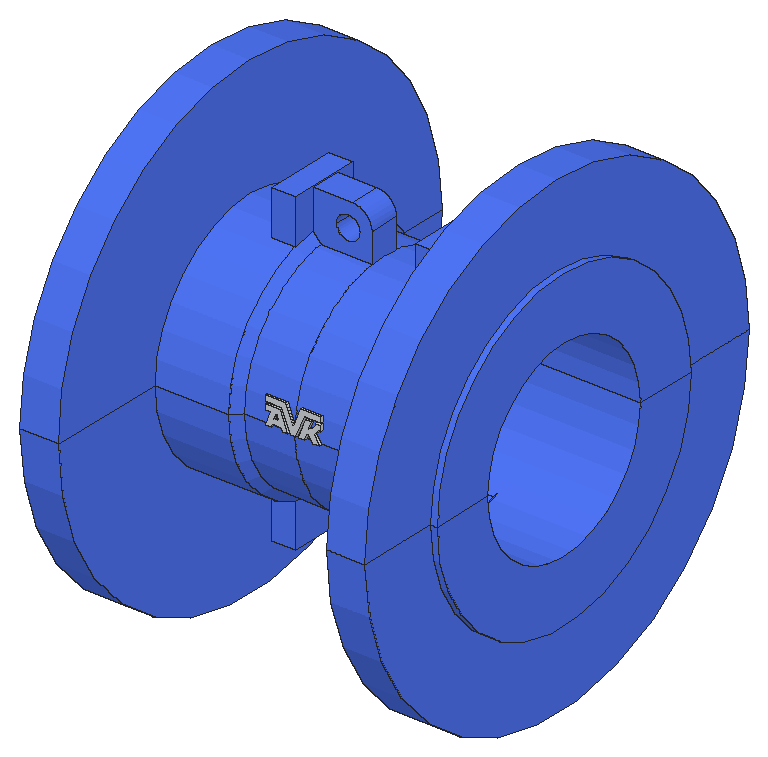
Revit family "712-4120-001-DN80-150", category Pipe Accessories, Revit 2019
Family settings
  Round Connector Dimension = Use Diameter
  Part Type = Valve - Breaks Into
  Work Plane-Based = No
  Always vertical = Yes
  Cut with Voids When Loaded = No
  Shared = No
Parameters (values of type "DN080_PN10/16")
  Search_Table = "712-4120-001-DN80-150"
  Rf_Dia = size_lookup(Search_Table, "Rf_Dia", 0 mm, [Nominal Diameter (DN)]) / 2  # 66 mm
  RF_Thick = 3 mm  # constant formula
  L = 150 mm  # constant formula
  ID(Radius) = [Nominal Diameter (DN)] / 2  # 40 mm
  Flange_thickness = size_lookup(Search_Table, "Flange_thickness", 0 mm, [Nominal Diameter (DN)])  # 19 mm
  Nominal Diameter (DN) = 80 mm
  FOD = size_lookup(Search_Table, "FOD", 0 mm, [Nominal Diameter (DN)]) / 2  # 100 mm
  URL product pages = "https://www.avkvalves.com/P.aspx?no=712008041201"
  Description_ = "AVK FLANGED PIPE W/LOOSE FLANGES"
  DN150_PN10/16 = "712-0150-41-201"
  DN100_PN10/16 = "712-0100-41-201"
  DN080_PN10/16 = "712-0080-41-201"
  Body_wallthickness = 10 mm  # constant formula
Types (4, lengths in mm): name | Rf_Dia | ID(Radius) | Flange_thickness | Nominal Diameter (DN) | FOD
  (no name) | 66 | 40 | 19 | 80 | 100
  DN080_PN10/16 | 66 | 40 | 19 | 80 | 100
  DN100_PN10/16 | 78 | 50 | 19 | 100 | 110
  DN150_PN10/16 | 105.5 | 75 | 20 | 150 | 142.5
Reference planes
  plane 1 "Center (Front/Back)": y = 0
  plane 2: z = 0
  plane 3 "Center (Left/Right)": x = 0
  plane 4: y = 40
  plane 5: x = -75
  plane 6: x = -56
  plane 7: x = 56
  plane 8: x = 75
  plane 9: y = 50
  plane 10: y = 100
Forms (mm)
  Revolve 1, solid, material "Plastic"
    sketch origin (0, 0, 0) x (1, 0, 0) y (0, 1, 0)
      loop
        line (-56, 100) -> (-75, 100) -> (-75, 40) -> (75, 40) -> (75, 100) -> (56, 100) -> (56, 50) -> (25, 50) -> (21.464, 46.464) -> (0, 46.464) -> (-21.464, 46.464) -> (-25, 50) -> (-56, 50) -> (-56, 100)
      axis (-75, 0) -> (75, 0)
    angle from 0 to 360
  Revolve 2, void
    sketch origin (0, 0, 0) x (1, 0, 0) y (0, 1, 0)
      loop
        line (75, 100) -> (72, 100) -> (72, 66) -> (75, 66) -> (75, 100)
      loop
        line (-75, 100) -> (-75, 66) -> (-72, 66) -> (-72, 100) -> (-75, 100)
      axis (-75, 0) -> (75, 0)
    angle from 0 to 360
  Extrusion 3, solid, material "Plastic"
    sketch origin (0, 0, 0) x (1, 0, 0) y (0, 1, 0)
      loop
        line (-25, 15) -> (-35, 15) -> (-35, -15) -> (-25, -15) -> (-25, 15)
      loop
        line (25, 15) -> (25, -15) -> (35, -15) -> (35, 15) -> (25, 15)
    from -66 to 66
  Extrusion 4, solid, material "Plastic"
    sketch origin (0, 0, 0) x (1, 0, 0) y (0, 0, 1)
      loop
        line (-25, 66) -> (-25, 40) -> (0, 40) -> (0, 58)
        arc (0, 58) -> (-2.343, 63.657) -> (-8, 66) r 8
        line (-8, 66) -> (-25, 66)
      loop
        circle (-10, 56) r 5
    from -6.236 to 6.236
  Revolve 5, void
    sketch origin (0, 0, 0) x (1, 0, 0) y (0, 0, 1)
      loop
        line (-75, 40) -> (-75, 0) -> (75, 0) -> (75, 40) -> (-75, 40)
      axis (-75, 0) -> (75, 0)
    angle from 0 to 360
Cuts and joins
  Revolve 2, Revolve 5 cuts Revolve 1
  Revolve 5 cuts Extrusion 3
Dimensions and locks
  "Flange_thickness": plane 7 to plane 8
  equal spacing: plane 5, plane 3 "Center (Left/Right)", plane 8
  "L": plane 5 to plane 8
  "ID(Radius)": plane 1 "Center (Front/Back)" to plane 4
  "Flange_thickness": plane 5 to plane 6
  "Body_wallthickness": plane 9 to plane 4
  "FOD": plane 1 "Center (Front/Back)" to plane 10
  "RF_Thick": Revolve 2 sketch curve to Revolve 2 sketch curve
  "Rf_Dia": plane 1 "Center (Front/Back)" to Revolve 2 sketch curve
  "FOD": plane 1 "Center (Front/Back)" to Revolve 2 sketch curve
  "RF_Thick": Revolve 1 to Revolve 2 sketch curve
  equal spacing: Extrusion 3 sketch curve, plane 1 "Center (Front/Back)", Extrusion 3 sketch curve  (x2)
  locked: Extrusion 3 sketch curve to Extrusion 3 sketch curve at 30  (x2)
  locked: Extrusion 3 sketch curve to Extrusion 3 sketch curve at 10  (x2)
  "Rf_Dia": Extrusion 3 to level
  "Rf_Dia": level to Extrusion 3
  "ID(Radius)": Extrusion 4 sketch curve to level
  equal spacing: Extrusion 4, plane 1 "Center (Front/Back)", Extrusion 4
  locked: Extrusion 4 to Extrusion 4 at 12.473
  "ID(Radius)": Revolve 5 sketch curve to level
  cut or joined group of Revolve 1, Revolve 2, Revolve 5 to cut or joined group of Revolve 1, Revolve 2, Revolve 5 = 150 mm
  aligned and locked: level to plane 2
  aligned and locked: plane 5 to Revolve 1 sketch curve
  aligned and locked: plane 6 to Revolve 1 sketch curve
  aligned and locked: plane 7 to Revolve 1 sketch curve
  aligned and locked: plane 8 to Revolve 1 sketch curve
  aligned and locked: plane 10 to Revolve 1 sketch curve  (x2)
  aligned and locked: Revolve 1 sketch curve to plane 10
  aligned and locked: plane 1 "Center (Front/Back)" to Revolve 1 sketch curve
  aligned and locked: Revolve 2 sketch curve to Revolve 1  (x2)
  aligned and locked: Revolve 2 sketch curve to Revolve 2 sketch curve  (x2)
  aligned and locked: plane 1 "Center (Front/Back)" to Revolve 2 sketch curve
  aligned and locked: plane 9 to Revolve 1 sketch curve
  aligned and locked: Revolve 1 sketch curve to Revolve 1 sketch curve
  aligned and locked: Extrusion 3 sketch curve to cut or joined group of Revolve 1, Revolve 2, Revolve 5  (x2)
  aligned and locked: Extrusion 3 to Extrusion 4 sketch curve
  aligned and locked: Extrusion 4 sketch curve to plane 3 "Center (Left/Right)"
  aligned and locked: Extrusion 4 sketch curve to Extrusion 3
  aligned and locked: plane 3 "Center (Left/Right)" to nested 1
  aligned and locked: Revolve 5 sketch curve to cut or joined group of Revolve 1, Revolve 2, Revolve 5  (x3)
  aligned and locked: Revolve 5 sketch curve to Revolve 5 sketch curve
Automatic sketch dimensions
  Revolve 1 sketch curve to plane 3 "Center (Left/Right)" = 0 mm
  Revolve 1 sketch curve to plane 4 = 0 mm
  Revolve 1 sketch curve to plane 3 "Center (Left/Right)" = 25 mm
  Revolve 1 sketch curve to plane 9 = 3.536 mm
  Revolve 1 sketch curve to Revolve 1 sketch curve = 3.536 mm  (x2)
  plane 3 "Center (Left/Right)" to Revolve 1 sketch curve = 21.464 mm
  plane 6 to Revolve 1 sketch curve = 11 mm
  plane 3 "Center (Left/Right)" to Revolve 1 sketch curve = 15 mm
  Revolve 2 sketch curve to plane 3 "Center (Left/Right)" = 7 mm
  plane 3 "Center (Left/Right)" to Revolve 2 sketch curve = 18 mm
  Extrusion 4 sketch curve to plane 3 "Center (Left/Right)" = 10 mm
  Extrusion 4 sketch curve to Extrusion 4 sketch curve = 2 mm  (x2)
  Revolve 5 sketch curve to Revolve 5 sketch curve = 35 mm
  Revolve 5 sketch curve to Revolve 5 sketch curve = 15 mm
  radius of Extrusion 4 sketch curve = 5 mm
Nested families
  nested 1: "Family2" at (0, -46.464, -0.16) x (1, 0, 0) z (0, -1, -0.0035), type "Family2"
Connectors
  piping at (75, 0, 0), diameter 80, driven by "Nominal Diameter (DN)"
    settings: on Revolve 1, index 1, connector inside diameter 609.6 mm, connector length 0 mm, flow factor 0, pipe flow 0.0 L/s, pressure drop 0.0 Pa, fitting loss kfactor 0, connector angle 0.00°, fixture units 0, engagement length 0 mm, angle of deflection 0.00°, flow configuration 0, flow direction 0, fitting loss method 0, system type 7, joint type 0, gender type 0, connector reference index -1, connector utility 0, adjustable connector no, is connector primary yes, connector description ""
  piping at (-75, 0, 0), diameter 80, driven by "Nominal Diameter (DN)"
    settings: on Revolve 1, index 2, connector inside diameter 609.6 mm, connector length 0 mm, flow factor 0, pipe flow 0.0 L/s, pressure drop 0.0 Pa, fitting loss kfactor 0, connector angle 0.00°, fixture units 0, engagement length 0 mm, angle of deflection 0.00°, flow configuration 0, flow direction 0, fitting loss method 0, system type 7, joint type 0, gender type 0, connector reference index -1, connector utility 0, adjustable connector no, is connector primary no, connector description ""
Definition of nested family "Family2"
  Parameters
    Default Elevation = 1219.2 mm
  Reference planes
    plane 1 "Center (Front/Back)": y = 0
    plane 2: z = 0
    plane 3 "Center (Left/Right)": x = 0
  Forms (mm)
    Extrusion 1, solid
      sketch origin (0, 0, 0) x (1, 0, 0) y (0, 1, 0)
        loop
          line (-1219.2, 1219.2) -> (-1219.2, -1219.2) -> (1219.2, -1219.2) -> (1219.2, 1219.2) -> (-1219.2, 1219.2)
      from 0 to -304.8
    Extrusion 2, solid
      sketch origin (0, 0, 0) x (1, 0, 0) y (0, 1, 0)
        loop
          line (-3.169, 11.12) -> (-11.676, 11.12) -> (-11.676, 8.812) -> (-4.751, 8.812) -> (-1.163, 0) -> (1.163, 0) -> (4.751, 8.812) -> (11.676, 8.812) -> (11.676, 11.12) -> (3.169, 11.12) -> (0, 3.336) -> (-3.169, 11.12)
        loop
          line (-5.349, 7.923) -> (-11.676, 7.923) -> (-11.676, 5.699) -> (-9.488, 5.699) -> (-11.676, 0) -> (-9.204, 0) -> (-8.735, 1.223) -> (-5.113, 1.223) -> (-4.615, 0) -> (-2.124, 0) -> (-5.349, 7.923)
        loop
          line (-8.162, 3.336) -> (-5.973, 3.336) -> (-7.1, 6.103) -> (-8.162, 3.336)
        loop
          line (2.124, 0) -> (4.615, 0) -> (5.883, 3.115) -> (8.231, 0) -> (11.12, 0) -> (8.465, 3.524)
          arc (8.465, 3.524) -> (9.779, 4.384) -> (10.64, 5.699) r 3.841
          line (10.64, 5.699) -> (11.676, 5.699) -> (11.676, 7.923) -> (9.452, 7.923)
          arc (9.452, 7.923) -> (8.641, 5.915) -> (6.664, 5.034) r 2.891
          line (6.664, 5.034) -> (7.84, 7.923) -> (5.349, 7.923) -> (2.124, 0)
      from 0 to 1
  Dimensions and locks
    aligned and locked: plane 2 to Extrusion 1
    aligned and locked: level to Extrusion 1
    aligned and locked: Extrusion 2 sketch curve to import instance  (x29)
